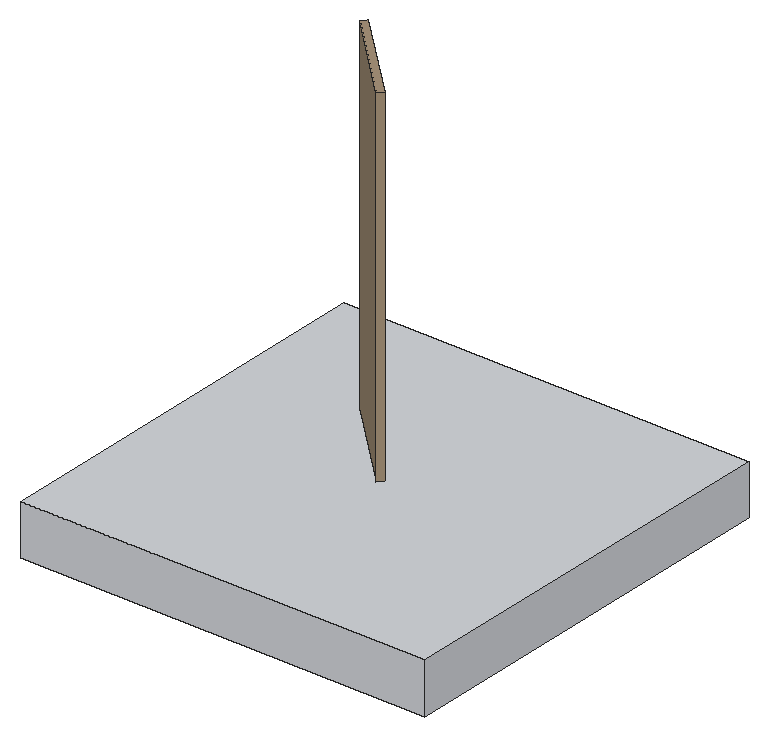
Revit family "Folha Lisa", category Modelos genéricos, Revit 2015
Parameters (values of type "Painel de porta Lisa")
  espessura da Folha [instance] = 4 cm
  Material da Folha [instance] = Tábua de fibra orientada
  Largura da Folha [instance] = 70 cm
  Elevação-padrão = 120 cm
  Angulo de giro [instance] = 45.00°
  Altura da Folha [instance] = 210 cm
Reference planes (cm)
  plane 1 "Centro (Frente/Trás)": y = 0
  plane 2: z = 0
  plane 3 "Centro (Esquerda/Direita)": x = 0
  plane 4: z = 0.3
Forms (cm)
  Extrusion 1, solid
    sketch origin (0, 0, 0) x (1, 0, 0) y (0, 1, 0)
      loop
        line (-121.92, 121.92) -> (-121.92, -121.92) -> (121.92, -121.92) -> (121.92, 121.92) -> (-121.92, 121.92)
    from 0 to -30.48
  Extrusion 2, solid, material "Tábua de fibra orientada" <- "Material da Folha"
    sketch origin (0, 0, 0) x (1, 0, 0) y (0, 1, 0)
      loop
        line (-49.4975, 49.4975) -> (-52.3259, 46.669) -> (-2.8284, -2.8284) -> (0, 0) -> (-49.4975, 49.4975)
    from 0.3 to 210
Lines and regions (cm)
  reference lines
    curve 1: line (0, 0, 0) -> (-49.4975, 49.4975, 0)
Dimensions and locks (cm)
  "Largura da Folha": curve 1 to curve 1
  "Largura da Folha": Extrusion 2 sketch curve to Extrusion 2 sketch curve
  "espessura da Folha": Extrusion 2 sketch curve to Extrusion 2 sketch curve
  plane 4 to level = 0.3 cm
  "Altura da Folha": Extrusion 2 to level
  "Angulo de giro": angle curve 1 to plane 1 "Centro (Frente/Trás)"
  aligned and locked: plane 2 to Extrusion 1
  aligned and locked: level to Extrusion 1
  aligned and locked: plane 3 "Centro (Esquerda/Direita)" to curve 1
  aligned and locked: plane 1 "Centro (Frente/Trás)" to curve 1
  aligned and locked: Extrusion 2 sketch curve to curve 1  (x2)
  aligned and locked: Extrusion 2 to plane 4
Automatic sketch dimensions
  Extrusion 1 sketch curve to Extrusion 1 sketch curve = 243.84 cm  (x2)
